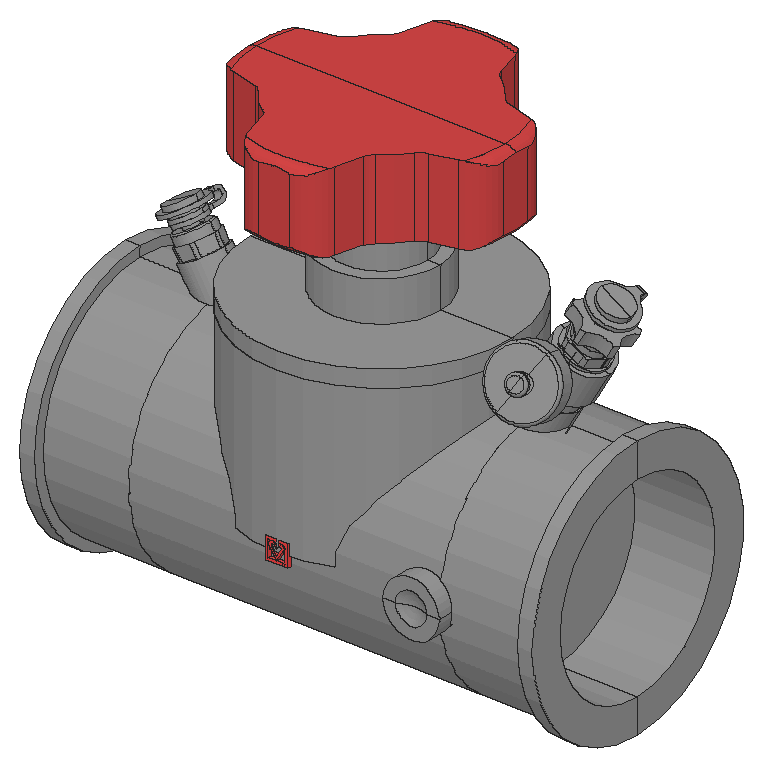
Revit family "HERZ Strömax Commissioning Valve With Test Points, Straight Body 4217 GML", category Rohrzubehör, Revit 2020
Family settings
  Bemaßung runder Anschluss = Durchmesser verwenden
  Teiletyp = Unterbricht
  OmniClass-Nummer = 23.65.55.14
  OmniClass-Titel = Valves for Liquid Services
  Arbeitsebenenbasiert = Nein
  Immer vertikal = Ja
  Beim Laden mit Abzugskörper schneiden = Nein
  Gemeinsam genutzt = Nein
Parameters
  kvs-value [instance] = if(Nennweite = 15.00 mm, 6.05, if(Nennweite = 20.00 mm, 6.11, if(Nennweite = 25.00 mm, 9.22, if(Nennweite = 32.00 mm, 18.83, if(Nennweite = 40.00 mm, 23.29, if(Nennweite = 50.00 mm, 35.26, if(Nennweite = 65.00 mm, 52.11, if(Nennweite = 80.00 mm, 76.1, 0))))))))  # 76.1
  W02 = 60.00°  # constant formula
  W01 = 30.00°  # constant formula
  Vorgabe-Ansicht = 0.00 mm
  URL = "www.herzvalves.com"
  SC_NennweiteBerechnet = 0
  SC_Dimension = ""
  SCRNSEQ = "ARM;ARM_TYP=\"STRV\";2"
  SCRNCODE = "05;07;02"  # constant formula
  S02 = 60.00 mm  # constant formula
  S01 [instance] = H00 + H01  # 119.31 mm
  R01 [instance] = size_lookup("4217_GML_", "R1", 1.00 mm, Nennweite)  # 53.00 mm
  Part number [instance] = size_lookup("4217_GML_", "Artnr", 0, Nennweite)  # 1421718
  Nennweite [instance] = 80.00 mm
  Model = "STRÖMAX-GML commissioning valve with test points and capillary connection 1/2′′ – 3′′:\r\nScrew down model, brass version, socket x socket, non-rising spindle, spindle seal by means of double-O-ring, presetting by limitation of valve lift by means of internal spindle;\r\ndigital display of presetting step at the hand wheel window.\r\nOne standard test point and one test point fitted with a capillary connection are located adjacent to the hand wheel."
  Medium = "Water purity in accordance with the OeNORM H5195 and VDI 2035 standards.\r\nEthylene and propylene glycol can be mixed to a ratio of 25 - 50 vol. [%]."
  Max. operating pressure = 1600000.0 Pa  # constant formula
  Max. operating temperature (up to DN32) = 130 °C  # constant formula
  Max. operating temperature (from DN40) = 110 °C  # constant formula
  ML02 [instance] = size_lookup("4217_GML_", "ML2", 1.00 mm, Nennweite)  # 70.50 mm
  ML01 [instance] = size_lookup("4217_GML_", "ML1", 1.00 mm, Nennweite)  # 37.35 mm
  MD01 = 9.50 mm  # constant formula
  L02 [instance] = size_lookup("4217_GML_", "L2", 1.00 mm, Nennweite)  # 6.00 mm
  L01 [instance] = size_lookup("4217_GML_", "L1", 1.00 mm, Nennweite)  # 41.30 mm
  L00 [instance] = size_lookup("4217_GML_", "L", 1.00 mm, Nennweite)  # 210.00 mm
  IG [instance] = Nennweite / 2  # 40.00 mm
  Hersteller = "HERZ Armaturen Ges.m.b.H."  # constant formula
  H04 [instance] = size_lookup("4217_GML_", "H4", 1.00 mm, Nennweite)  # 19.00 mm
  H03 = 10.00 mm  # constant formula
  H02 [instance] = size_lookup("4217_GML_", "H2", 1.00 mm, Nennweite)  # 7.00 mm
  H01 [instance] = size_lookup("4217_GML_", "H1", 1.00 mm, Nennweite)  # 52.60 mm
  H00 [instance] = size_lookup("4217_GML_", "H", 1.00 mm, Nennweite)  # 66.71 mm
  Weight [instance] = if(Nennweite = 15.00 mm, "0.97 kg", if(Nennweite = 20.00 mm, "1.00 kg", if(Nennweite = 25.00 mm, "1.45 kg", if(Nennweite = 32.00 mm, "1.98 kg", if(Nennweite = 40.00 mm, "2.34 kg", if(Nennweite = 50.00 mm, "3.85 kg", if(Nennweite = 65.00 mm, "5.35 kg", if(Nennweite = 80.00 mm, "7.20 kg", "0 kg"))))))))  # "7.20 kg"
  GT [instance] = size_lookup("4217_GML_", "GT", 1.00 mm, Nennweite)  # 33.30 mm
  Field of application = "For hydraulic balancing in heating and cooling systems, adjustment of distribution mains, circuits, heat exchangers, heating and cooling registers, etc."
  Installation position = "The non-rising valve spindle arranged perpendicular to the valve axis guarantees optimum accessibility and optimum valve operation in any installation position."
  Differential pressure measurement = "STRÖMAX-GML commissioning valve is equipped with two test points.\r\nThe differential pressure can be measured using a suitable measuring instrument, which permits calculation of the flow rate as a function of the respective presetting step.\r\nThe HERZ-Measuring computer (1 8900 05) permits direct flow rate reading (consult the equipment manual)."
  DN80 [instance] = Nennweite = 80.00 mm  # yes
  DN65 [instance] = Nennweite = 65.00 mm  # no
  DN50_DN80 [instance] = or(Nennweite = 50.00 mm, Nennweite = 65.00 mm, Nennweite = 80.00 mm)  # yes
  DN50-DN80 [instance] = H00 + H01  # 119.31 mm
  DN50 [instance] = Nennweite = 50.00 mm  # no
  DN40 [instance] = Nennweite = 40.00 mm  # no
  DN32 [instance] = Nennweite = 32.00 mm  # no
  DN25 [instance] = Nennweite = 25.00 mm  # no
  DN20 [instance] = Nennweite = 20.00 mm  # no
  DN15_DN40 [instance] = or(Nennweite = 15.00 mm, Nennweite = 20.00 mm, Nennweite = 25.00 mm, Nennweite = 32.00 mm, Nennweite = 40.00 mm)  # no
  DN15-DN40 [instance] = H00 + H01  # 119.31 mm
  DN15 [instance] = Nennweite = 15.00 mm  # no
  D06 [instance] = size_lookup("4217_GML_", "D6", 1.00 mm, Nennweite)  # 24.30 mm
  D05 [instance] = size_lookup("4217_GML_", "D5", 1.00 mm, Nennweite)  # 19.00 mm
  D04 = 9.00 mm  # constant formula
  D03 [instance] = size_lookup("4217_GML_", "D3", 1.00 mm, Nennweite)  # 53.80 mm
  D02 [instance] = size_lookup("4217_GML_", "D2", 1.00 mm, Nennweite)  # 54.00 mm
  D01 [instance] = size_lookup("4217_GML_", "D1", 1.00 mm, Nennweite)  # 50.00 mm
  Body = "DZR brass"  # constant formula
Reference planes
  plane 1 "Mitte (Vorne/hinten)": y = 0
  plane 2: z = 0
  plane 3 "Mitte (Links/rechts)": x = 0
Forms (mm)
  Revolve 1, solid, material "Messing, weicher Gelbton, geschweißt", detail levels fine
    sketch origin (0, 0, 0) x (1, 0, 0) y (0, 0, 1)
      loop
        line (-105, 54) -> (-105, 40) -> (-71.7, 40) -> (-71.7, 0) -> (71.7, 0) -> (71.7, 40) -> (105, 40) -> (105, 54) -> (99, 54) -> (99, 50) -> (63.7, 50)
        arc (63.7, 50) -> (0, 53) -> (-63.7, 50) r 677.782
        line (-63.7, 50) -> (-99, 50) -> (-99, 54) -> (-105, 54)
      axis (-105, 0) -> (105, 0)
    angle from 0 to 360
  Revolve 2, solid, material "Messing, weicher Gelbton, geschweißt", detail levels fine
    sketch origin (0, 0, 0) x (1, 0, 0) y (0, 0, 1)
      loop
        line (37.35, 0) -> (72.6, 61.055) -> (64.373, 65.805) -> (29.123, 4.75) -> (37.35, 0)
      axis (37.35, 0) -> (72.6, 61.055)
    angle from 0 to 360
  Revolve 3, solid, material "Messing, weicher Gelbton, geschweißt", detail levels fine
    sketch origin (0, 0, 0) x (1, 0, 0) y (0, 0, 1)
      loop
        line (0, 0) -> (0, 66.71) -> (-53.8, 66.71) -> (-53.8, 0) -> (0, 0)
      axis (0, 66.71) -> (0, 0)
    angle from 0 to 360
  Revolve 4, solid, material "Messing, weicher Gelbton, geschweißt", detail levels fine
    sketch origin (0, 0, 0) x (-1, 0, 0) y (0, 0, 1)
      loop
        line (37.35, 0) -> (72.6, 61.055) -> (64.373, 65.805) -> (29.123, 4.75) -> (37.35, 0)
      axis (37.35, 0) -> (72.6, 61.055)
    angle from 0 to 360
  Revolve 5, solid, material "Messing, weicher Gelbton, geschweißt", visible <- "DN65", detail levels fine
    sketch origin (0, 0, 0) x (1, 0, 0) y (0, 1, 0)
      loop
        line (60, 47.945) -> (60, -47.945)
        arc (60, -47.945) -> (63.368, -48.598) -> (66.5, -50) r 15
        line (66.5, -50) -> (71.5, -50) -> (71.5, 50) -> (66.5, 50)
        arc (66.5, 50) -> (63.368, 48.598) -> (60, 47.945) r 15
      axis (60, 50) -> (60, -50)
    angle from 0 to 360
  Revolve 6, solid, material "Messing, weicher Gelbton, geschweißt", detail levels fine
    sketch origin (0, 0, 0) x (1, 0, 0) y (0, 0, 1)
      loop
        line (0, 66.71) -> (0, 119.31) -> (-9, 119.31) -> (-9, 109.31) -> (-19, 109.31) -> (-19, 90.31) -> (-24.3, 90.31) -> (-24.3, 73.71) -> (-53.8, 73.71) -> (-53.8, 66.71) -> (0, 66.71)
      axis (0, 119.31) -> (0, 66.71)
    angle from 0 to 360
  Revolve 7, solid, material "Messing, weicher Gelbton, geschweißt", visible <- "DN80", detail levels fine
    sketch origin (0, 0, 0) x (1, 0, 0) y (0, 1, 0)
      loop
        line (57, 53.945) -> (57, -53.945)
        arc (57, -53.945) -> (60.368, -54.598) -> (63.5, -56) r 15
        line (63.5, -56) -> (68.5, -56) -> (68.5, 56) -> (63.5, 56)
        arc (63.5, 56) -> (60.368, 54.598) -> (57, 53.945) r 15
      axis (57, 56) -> (57, -56)
    angle from 0 to 360
Lines and regions (mm)
  model lines, detail levels coarse+medium
    curve 1: line (-105, 0, 54) -> (-105, 0, -54)
    curve 2: line (-105, 0, -54) -> (105, 0, 54)
    curve 3: line (105, 0, 54) -> (105, 0, -54)
    curve 4: line (105, 0, -54) -> (-105, 0, 54)
    curve 5: line (0, 0, 0) -> (68.884, 0, 119.31)
    curve 6: line (42.903, 0, 134.31) -> (94.864, 0, 104.31)
    curve 7: line (-105, 54, 0) -> (-105, -54, 0)
    curve 8: line (-105, -54, 0) -> (105, 54, 0)
    curve 9: line (105, 54, 0) -> (105, -54, 0)
    curve 10: line (105, -54, 0) -> (-105, 54, 0)
    curve 11: line (0, 0, 0) -> (68.884, 119.31, 0)
    curve 12: line (42.903, 134.31, 0) -> (94.864, 104.31, 0)
Dimensions and locks
  "IG": Revolve 1 sketch curve to plane 2
  "GT": Revolve 1 sketch curve to Revolve 1 sketch curve  (x2)
  "IG": Revolve 1 sketch curve to Revolve 1 sketch curve
  "D01": Revolve 1 sketch curve to Revolve 1 sketch curve  (x2)
  "R01": Revolve 1 sketch curve to Revolve 1 sketch curve
  "L02": Revolve 1 sketch curve to Revolve 1 sketch curve  (x2)
  "L01": Revolve 1 sketch curve to Revolve 1 sketch curve  (x2)
  "D02": Revolve 1 sketch curve to plane 2  (x2)
  equal spacing: Revolve 1 sketch curve, plane 3 "Mitte (Links/rechts)", Revolve 1 sketch curve
  "L00": Revolve 1 sketch curve to Revolve 1 sketch curve
  "R01": nested 1 to plane 1 "Mitte (Vorne/hinten)"
  "ML01": Revolve 2 sketch curve to plane 3 "Mitte (Links/rechts)"
  "H00": Revolve 3 sketch curve to plane 2
  "D03": Revolve 3 sketch curve to Revolve 3 sketch curve
  "ML02": Revolve 2 sketch curve to Revolve 2 sketch curve
  "MD01": Revolve 2 sketch curve to Revolve 2 sketch curve  (x2)
  "ML02": Revolve 4 sketch curve to Revolve 4 sketch curve
  "MD01": Revolve 4 sketch curve to Revolve 4 sketch curve  (x2)
  "ML01": plane 3 "Mitte (Links/rechts)" to Revolve 4 sketch curve
  Revolve 5 sketch curve to Revolve 1 = 45.00 mm
  Revolve 5 sketch curve to Revolve 5 sketch curve = 11.50 mm  (x2)
  Revolve 5 sketch curve to plane 1 "Mitte (Vorne/hinten)" to Revolve 5 sketch curve = 50.00 mm, 50.00 mm
  "H00": Revolve 6 sketch curve to plane 2
  "H01": Revolve 6 sketch curve to Revolve 6 sketch curve
  "D04": Revolve 6 sketch curve to Revolve 6 sketch curve
  "D03": Revolve 6 sketch curve to Revolve 6 sketch curve
  "D05": Revolve 6 sketch curve to Revolve 6 sketch curve
  "D06": Revolve 6 sketch curve to Revolve 6 sketch curve
  "H02": Revolve 6 sketch curve to Revolve 6 sketch curve
  "H03": Revolve 6 sketch curve to Revolve 6 sketch curve
  "H04": Revolve 6 sketch curve to Revolve 6 sketch curve
  Revolve 7 sketch curve to Revolve 1 = 48.00 mm
  Revolve 7 sketch curve to Revolve 7 sketch curve = 11.50 mm  (x2)
  Revolve 7 sketch curve to plane 1 "Mitte (Vorne/hinten)" to Revolve 7 sketch curve = 56.00 mm, 56.00 mm
  "DN15-DN40": nested 2 to plane 2
  "DN50-DN80": nested 3 to plane 2
  "D02": curve 4 to plane 2 to curve 2
  "D02": curve 3 to plane 2 to curve 4
  equal spacing: curve 1, plane 3 "Mitte (Links/rechts)", curve 3
  "L00": curve 1 to curve 3
  equal spacing: Revolve 1, curve 5, Revolve 1
  "S01": curve 5 to plane 2
  equal spacing: curve 6, curve 5, curve 6
  "S02": curve 6 to curve 6
  "D02": curve 8 to plane 1 "Mitte (Vorne/hinten)" to curve 10
  "D02": curve 10 to plane 1 "Mitte (Vorne/hinten)" to curve 9
  equal spacing: curve 7, plane 3 "Mitte (Links/rechts)", curve 9
  "L00": curve 7 to curve 9
  equal spacing: curve 7, curve 11, curve 9
  "S01": plane 1 "Mitte (Vorne/hinten)" to curve 11
  equal spacing: curve 12, curve 11, curve 12
  "S02": curve 12 to curve 12
  radius of Revolve 5 sketch curve = 15.00 mm  (x2)
  radius of Revolve 7 sketch curve = 15.00 mm  (x2)
  "W01": angle Revolve 2 sketch curve to plane 3 "Mitte (Links/rechts)"  (x2)
  "W01": angle plane 3 "Mitte (Links/rechts)" to Revolve 4 sketch curve  (x2)
  "W02": angle plane 2 to curve 5
  "W02": angle plane 1 "Mitte (Vorne/hinten)" to curve 11
  aligned and locked: level to plane 2
Automatic sketch dimensions
  Revolve 5 sketch curve to Revolve 5 sketch curve = 1.153 mm  (x2)
  Revolve 5 sketch curve to Revolve 5 sketch curve = 5.00 mm  (x2)
  Revolve 5 sketch curve to Revolve 5 sketch curve = 2.854 mm  (x2)
  Revolve 7 sketch curve to Revolve 7 sketch curve = 1.153 mm  (x2)
  Revolve 7 sketch curve to Revolve 7 sketch curve = 5.00 mm  (x2)
  Revolve 7 sketch curve to Revolve 7 sketch curve = 8.854 mm  (x2)
  Revolve 1 sketch curve to level = 0.00 mm  (x2)
  Revolve 1 sketch curve to Revolve 1 sketch curve = 1429.986 mm
  Revolve 1 sketch curve to Revolve 1 sketch curve = 1762.604 mm
  Revolve 2 sketch curve to level = 0.00 mm  (x2)
  Revolve 3 sketch curve to level = 0.00 mm
  Revolve 3 sketch curve to plane 3 "Mitte (Links/rechts)" = 0.00 mm  (x2)
  Revolve 3 sketch curve to Revolve 3 sketch curve = 366.045 mm
  Revolve 3 sketch curve to Revolve 3 sketch curve = 2179.415 mm
  Revolve 4 sketch curve to level = 0.00 mm  (x2)
  Revolve 6 sketch curve to plane 3 "Mitte (Links/rechts)" = 0.00 mm  (x2)
  Revolve 6 sketch curve to level = 366.045 mm
  Revolve 6 sketch curve to Revolve 6 sketch curve = 2146.115 mm
Nested families
  nested 1: "Herz-Logo-vorne" at (0, -53, 0) x (0, 1, 0) z (0, 0, 1), type "Herz-Logo-vorne", detail levels fine
  nested 2: "Strangregulierventil-Handrad-Gerade (Rot) DN15-DN40" at (0, 0, 119.31), visible <- "DN15_DN40", type "Strangregulierventil-Handrad-Gerade (Rot) DN15-DN40", detail levels fine
    with Nennweite 0.00 mm, Gewicht 0.00 kg, Bestellnummer 0
  nested 3: "Strangregulierventil-Handrad-Gerade (Rot) DN50-DN80" at (0, 0, 119.31), visible <- "DN50_DN80", type "Strangregulierventil-Handrad-Gerade (Rot) DN50-DN80", detail levels fine
    with Nennweite 0.00 mm, Gewicht 0.00 kg, Bestellnummer 0
  nested 4: "Messstutzen_Band-KFE_Austritt_30Grad_(oben)" at (61.39, 0, 59.409), visible <- "DN50", type "Messstutzen_Band-KFE_Austritt_30Grad_(oben)", detail levels fine
    with Schutzkappe yes, Nennweite 0.00 mm, Gewicht 0.00 kg, Bestellnummer 0
  nested 5: "Messstutzen_Band_Eintritt_30Grad_(oben)" at (-47.24, 0, 34.901) x (-1, 0, 0) z (0, 0, 1), visible <- "DN50", type "Messstutzen_Band_Eintritt_30Grad_(oben)", detail levels fine
    with Schutzkappe yes, Nennweite 0.00 mm, Gewicht 0.00 kg, Bestellnummer 0
  nested 6: "Messstutzen_Band-KFE_Austritt_30Grad_(oben)" at (41.17, 0, 35.507), visible <- "DN15", type "Messstutzen_Band-KFE_Austritt_30Grad_(oben)", detail levels fine
    with Schutzkappe yes, Nennweite 0.00 mm, Gewicht 0.00 kg, Bestellnummer 0
  nested 7: "Messstutzen_Band_Eintritt_30Grad_(oben)" at (-27.02, 0, 10.999) x (-1, 0, 0) z (0, 0, 1), visible <- "DN15", type "Messstutzen_Band_Eintritt_30Grad_(oben)", detail levels fine
    with Schutzkappe yes, Nennweite 0.00 mm, Gewicht 0.00 kg, Bestellnummer 0
  nested 8: "Messstutzen_Band_Eintritt_30Grad_(oben)" at (-24.855, 0, 13.553) x (-1, 0, 0) z (0, 0, 1), visible <- "DN20", type "Messstutzen_Band_Eintritt_30Grad_(oben)", detail levels fine
    with Schutzkappe yes, Nennweite 0.00 mm, Gewicht 0.00 kg, Bestellnummer 0
  nested 9: "Messstutzen_Band-KFE_Austritt_30Grad_(oben)" at (39.005, 0, 38.062), visible <- "DN20", type "Messstutzen_Band-KFE_Austritt_30Grad_(oben)", detail levels fine
    with Schutzkappe yes, Nennweite 0.00 mm, Gewicht 0.00 kg, Bestellnummer 0
  nested 10: "Messstutzen_Band_Eintritt_30Grad_(oben)" at (-29.265, 0, 17.883) x (-1, 0, 0) z (0, 0, 1), visible <- "DN25", type "Messstutzen_Band_Eintritt_30Grad_(oben)", detail levels fine
    with Schutzkappe yes, Nennweite 0.00 mm, Gewicht 0.00 kg, Bestellnummer 0
  nested 11: "Messstutzen_Band-KFE_Austritt_30Grad_(oben)" at (43.415, 0, 42.392), visible <- "DN25", type "Messstutzen_Band-KFE_Austritt_30Grad_(oben)", detail levels fine
    with Schutzkappe yes, Nennweite 0.00 mm, Gewicht 0.00 kg, Bestellnummer 0
  nested 12: "Messstutzen_Band_Eintritt_30Grad_(oben)" at (-37.74, 0, 24.595) x (-1, 0, 0) z (0, 0, 1), visible <- "DN32", type "Messstutzen_Band_Eintritt_30Grad_(oben)", detail levels fine
    with Schutzkappe yes, Nennweite 0.00 mm, Gewicht 0.00 kg, Bestellnummer 0
  nested 13: "Messstutzen_Band-KFE_Austritt_30Grad_(oben)" at (51.89, 0, 49.104), visible <- "DN32", type "Messstutzen_Band-KFE_Austritt_30Grad_(oben)", detail levels fine
    with Schutzkappe yes, Nennweite 0.00 mm, Gewicht 0.00 kg, Bestellnummer 0
  nested 14: "Messstutzen_Band_Eintritt_30Grad_(oben)" at (-42.8, 0, 28.665) x (-1, 0, 0) z (0, 0, 1), visible <- "DN40", type "Messstutzen_Band_Eintritt_30Grad_(oben)", detail levels fine
    with Schutzkappe yes, Nennweite 0.00 mm, Gewicht 0.00 kg, Bestellnummer 0
  nested 15: "Messstutzen_Band-KFE_Austritt_30Grad_(oben)" at (56.95, 0, 53.174), visible <- "DN40", type "Messstutzen_Band-KFE_Austritt_30Grad_(oben)", detail levels fine
    with Schutzkappe yes, Nennweite 0.00 mm, Gewicht 0.00 kg, Bestellnummer 0
  nested 16: "Messstutzen_Band_Eintritt_30Grad_(oben)" at (-54.5, 0, 38.105) x (-1, 0, 0) z (0, 0, 1), visible <- "DN65", type "Messstutzen_Band_Eintritt_30Grad_(oben)", detail levels fine
    with Schutzkappe yes, Nennweite 0.00 mm, Gewicht 0.00 kg, Bestellnummer 0
  nested 17: "Messstutzen_Band-KFE_Austritt_30Grad_(oben)" at (68.65, 0, 62.614), visible <- "DN65", type "Messstutzen_Band-KFE_Austritt_30Grad_(oben)", detail levels fine
    with Schutzkappe yes, Nennweite 0.00 mm, Gewicht 0.00 kg, Bestellnummer 0
  nested 18: "Messstutzen_Band_Eintritt_30Grad_(oben)" at (-63.85, 0, 45.899) x (-1, 0, 0) z (0, 0, 1), visible <- "DN80", type "Messstutzen_Band_Eintritt_30Grad_(oben)", detail levels fine
    with Schutzkappe yes, Nennweite 0.00 mm, Gewicht 0.00 kg, Bestellnummer 0
  nested 19: "Messstutzen_Band-KFE_Austritt_30Grad_(oben)" at (78, 0, 70.408), visible <- "DN80", type "Messstutzen_Band-KFE_Austritt_30Grad_(oben)", detail levels fine
    with Schutzkappe yes, Nennweite 0.00 mm, Gewicht 0.00 kg, Bestellnummer 0
Connectors
  piping at (-71.7, 0, 0), diameter 80, driven by "Nennweite"
    settings: on Revolve 1, index 1, connector inside diameter 609.6 mm, connector length 0.00 mm, flow factor 0, pipe flow 0.0 L/s, pressure drop 0.0 Pa, fitting loss kfactor 0, connector angle 0.00°, fixture units 0, engagement length 0.00 mm, angle of deflection 0.00°, flow configuration 0, flow direction 1, fitting loss method 0, system type 29, joint type 0, gender type 0, connector reference index -1, connector utility 0, adjustable connector no, is connector primary yes, connector description ""
  piping at (71.7, 0, 0), diameter 80, driven by "Nennweite"
    settings: on Revolve 1, index 2, connector inside diameter 609.6 mm, connector length 0.00 mm, flow factor 0, pipe flow 0.0 L/s, pressure drop 0.0 Pa, fitting loss kfactor 0, connector angle 0.00°, fixture units 0, engagement length 0.00 mm, angle of deflection 0.00°, flow configuration 0, flow direction 2, fitting loss method 0, system type 29, joint type 0, gender type 0, connector reference index -1, connector utility 0, adjustable connector no, is connector primary no, connector description ""
Definition of nested family "Herz-Logo-vorne"
  Parameters (values of type "Herz-Logo-vorne")
    Default Elevation = 0.00 mm
  Reference planes
    plane 1 "Mitte (Vorne/hinten)": y = 0
    plane 2: z = 0
    plane 3 "Mitte (Links/rechts)": x = 0
  Forms (mm)
    Extrusion 1, solid
      sketch origin (0.732, -0.018, 0.017) x (0, -1, 0) y (0, 0, 1)
        loop
          line (-0.018, -4.517) -> (4.482, -4.517) -> (4.482, 4.483) -> (-4.518, 4.483) -> (-4.518, -4.517) -> (-0.018, -4.517)
        loop
          line (-0.05, -3.48) -> (3.482, -3.48) -> (3.482, 3.483) -> (-3.518, 3.483) -> (-3.518, -3.48) -> (-0.05, -3.48)
        loop
          arc (-0.018, 2.383) -> (-1.543, 3.287) -> (-3.067, 2.383) r 1.738
          arc (-3.067, 2.383) -> (-3.191, 1.899) -> (-3.067, 1.415) r 1.009
          line (-3.067, 1.415) -> (-0.018, -3.281) -> (3.032, 1.415)
          arc (3.032, 1.415) -> (3.156, 1.899) -> (3.032, 2.383) r 1.009
          arc (3.032, 2.383) -> (1.507, 3.287) -> (-0.018, 2.383) r 1.738
        loop
          arc (1.885, 1.272) -> (2.005, 1.675) -> (1.885, 2.079) r 0.74
          arc (1.885, 2.079) -> (1.265, 2.416) -> (0.644, 2.079) r 0.74
          line (0.644, 2.079) -> (-0.018, 0.97) -> (-0.679, 2.079)
          arc (-0.679, 2.079) -> (-1.3, 2.416) -> (-1.921, 2.079) r 0.74
          arc (-1.921, 2.079) -> (-2.04, 1.675) -> (-1.921, 1.272) r 0.74
          line (-1.921, 1.272) -> (-0.018, -1.658) -> (1.885, 1.272)
      from 0 to 1.5
  Dimensions and locks
    aligned and locked: level to plane 2
Definition of nested family "Strangregulierventil-Handrad-Gerade (Rot) DN15-DN40"
  Parameters (values of type "Strangregulierventil-Handrad-Gerade (Rot) DN15-DN40")
    Default Elevation = 0.00 mm
    URL = "www.herz-armaturen.at"
    Nennweite [instance] = 0.00 mm
    Manufacturer = "Herz Armaturen GmbH"  # constant formula
    Gewicht [instance] = 0.00 kg
    Bestellnummer [instance] = 0
  Reference planes
    plane 1 "Mitte (Vorne/hinten)": y = 0
    plane 2: z = 0
    plane 3 "Mitte (Links/rechts)": x = 0
  Forms (mm)
    Revolve 1, solid, detail levels fine
      sketch origin (0, 0, 0) x (1, 0, 0) y (0, 0, 1)
        loop
          line (0, 0) -> (0, 24.95) -> (-30.992, 24.95)
          arc (-30.992, 24.95) -> (-34.37, 23.636) -> (-35.973, 20.386) r 5
          line (-35.973, 20.386) -> (-37, 8.65) -> (-35.986, -2.936)
          arc (-35.986, -2.936) -> (-34.383, -6.186) -> (-31.005, -7.5) r 5
          line (-31.005, -7.5) -> (-15, -7.5) -> (-15, 0) -> (0, 0)
        axis (0, 24.95) -> (0, -7.5)
      angle from 0 to 360
    Extrusion 2, void
      sketch origin (0, 0, 20.3) x (1, 0, 0) y (0, 1, 0)
        loop
          line (3.861, 35.5) -> (-3.861, 35.5)
          arc (-3.861, 35.5) -> (-8.731, 33.847) -> (-11.589, 29.571) r 8
          line (-11.589, 29.571) -> (-13.284, 23.245)
          arc (-13.284, 23.245) -> (-13.982, 21.722) -> (-15.144, 20.516) r 5
          arc (-15.144, 20.516) -> (-18.031, 18.031) -> (-20.516, 15.144) r 25.5
          arc (-20.516, 15.144) -> (-21.722, 13.982) -> (-23.245, 13.284) r 5
          line (-23.245, 13.284) -> (-29.571, 11.589)
          arc (-29.571, 11.589) -> (-33.847, 8.731) -> (-35.5, 3.861) r 8
          line (-35.5, 3.861) -> (-35.5, -3.861)
          arc (-35.5, -3.861) -> (-33.847, -8.731) -> (-29.571, -11.589) r 8
          line (-29.571, -11.589) -> (-23.245, -13.284)
          arc (-23.245, -13.284) -> (-21.722, -13.982) -> (-20.516, -15.144) r 5
          arc (-20.516, -15.144) -> (-18.031, -18.031) -> (-15.144, -20.516) r 25.5
          arc (-15.144, -20.516) -> (-13.982, -21.722) -> (-13.284, -23.245) r 5
          line (-13.284, -23.245) -> (-11.589, -29.571)
          arc (-11.589, -29.571) -> (-8.731, -33.847) -> (-3.861, -35.5) r 8
          line (-3.861, -35.5) -> (3.861, -35.5)
          arc (3.861, -35.5) -> (8.731, -33.847) -> (11.589, -29.571) r 8
          line (11.589, -29.571) -> (13.284, -23.245)
          arc (13.284, -23.245) -> (13.982, -21.722) -> (15.144, -20.516) r 5
          arc (15.144, -20.516) -> (18.031, -18.031) -> (20.516, -15.144) r 25.5
          arc (20.516, -15.144) -> (21.722, -13.982) -> (23.245, -13.284) r 5
          line (23.245, -13.284) -> (29.571, -11.589)
          arc (29.571, -11.589) -> (33.847, -8.731) -> (35.5, -3.861) r 8
          line (35.5, -3.861) -> (35.5, 3.861)
          arc (35.5, 3.861) -> (33.847, 8.731) -> (29.571, 11.589) r 8
          line (29.571, 11.589) -> (23.245, 13.284)
          arc (23.245, 13.284) -> (21.722, 13.982) -> (20.516, 15.144) r 5
          arc (20.516, 15.144) -> (18.031, 18.031) -> (15.144, 20.516) r 25.5
          arc (15.144, 20.516) -> (13.982, 21.722) -> (13.284, 23.245) r 5
          line (13.284, 23.245) -> (11.589, 29.571)
          arc (11.589, 29.571) -> (8.731, 33.847) -> (3.861, 35.5) r 8
        loop
          circle (0, 0) r 38
      from -31.266 to 7.923
  Cuts and joins
    Extrusion 2 cuts Revolve 1
  Dimensions and locks
    Revolve 1 sketch curve to Revolve 1 sketch curve = 15.00 mm
    Revolve 1 sketch curve to Revolve 1 sketch curve = 16.15 mm
    Revolve 1 sketch curve to Revolve 1 sketch curve = 16.30 mm
    angle Revolve 1 sketch curve to Revolve 1 sketch curve = 95.00°
    aligned and locked: level to plane 2
Definition of nested family "Strangregulierventil-Handrad-Gerade (Rot) DN50-DN80"
  Parameters (values of type "Strangregulierventil-Handrad-Gerade (Rot) DN50-DN80")
    Default Elevation = 0.00 mm
    URL = "www.herz-armaturen.at"
    Nennweite [instance] = 0.00 mm
    Manufacturer = "Herz Armaturen GmbH"  # constant formula
    Gewicht [instance] = 0.00 kg
    Bestellnummer [instance] = 0
  Reference planes
    plane 1 "Mitte (Vorne/hinten)": y = 0
    plane 2: z = 0
    plane 3 "Mitte (Links/rechts)": x = 0
  Forms (mm)
    Revolve 1, solid, detail levels fine
      sketch origin (0, 0, 0) x (1, 0, 0) y (0, 0, 1)
        loop
          line (0, 0) -> (0, 24.95) -> (-50.992, 24.95)
          arc (-50.992, 24.95) -> (-54.37, 23.636) -> (-55.973, 20.386) r 5
          line (-55.973, 20.386) -> (-57, 8.65) -> (-55.986, -2.936)
          arc (-55.986, -2.936) -> (-54.383, -6.186) -> (-51.005, -7.5) r 5
          line (-51.005, -7.5) -> (-15, -7.5) -> (-15, 0) -> (0, 0)
        axis (0, 24.95) -> (0, -7.5)
      angle from 0 to 360
    Extrusion 2, void
      sketch origin (0, 0, 20.3) x (1, 0, 0) y (0, 1, 0)
        loop
          line (-55, 6.292) -> (-55, -6.292)
          arc (-55, -6.292) -> (-52.52, -13.597) -> (-46.106, -17.883) r 12
          line (-46.106, -17.883) -> (-35.399, -20.752)
          arc (-35.399, -20.752) -> (-33.541, -21.612) -> (-32.08, -23.047) r 6
          arc (-32.08, -23.047) -> (-27.931, -27.931) -> (-23.047, -32.08) r 39.5
          arc (-23.047, -32.08) -> (-21.612, -33.541) -> (-20.752, -35.399) r 6
          line (-20.752, -35.399) -> (-17.883, -46.106)
          arc (-17.883, -46.106) -> (-13.597, -52.52) -> (-6.292, -55) r 12
          line (-6.292, -55) -> (6.292, -55)
          arc (6.292, -55) -> (13.597, -52.52) -> (17.883, -46.106) r 12
          line (17.883, -46.106) -> (20.752, -35.399)
          arc (20.752, -35.399) -> (21.612, -33.541) -> (23.047, -32.08) r 6
          arc (23.047, -32.08) -> (27.931, -27.931) -> (32.08, -23.047) r 39.5
          arc (32.08, -23.047) -> (33.541, -21.612) -> (35.399, -20.752) r 6
          line (35.399, -20.752) -> (46.106, -17.883)
          arc (46.106, -17.883) -> (52.52, -13.597) -> (55, -6.292) r 12
          line (55, -6.292) -> (55, 6.292)
          arc (55, 6.292) -> (52.52, 13.597) -> (46.106, 17.883) r 12
          line (46.106, 17.883) -> (35.399, 20.752)
          arc (35.399, 20.752) -> (33.541, 21.612) -> (32.08, 23.047) r 6
          arc (32.08, 23.047) -> (27.931, 27.931) -> (23.047, 32.08) r 39.5
          arc (23.047, 32.08) -> (21.612, 33.541) -> (20.752, 35.399) r 6
          line (20.752, 35.399) -> (17.883, 46.106)
          arc (17.883, 46.106) -> (13.597, 52.52) -> (6.292, 55) r 12
          line (6.292, 55) -> (-6.292, 55)
          arc (-6.292, 55) -> (-13.597, 52.52) -> (-17.883, 46.106) r 12
          line (-17.883, 46.106) -> (-20.752, 35.399)
          arc (-20.752, 35.399) -> (-21.612, 33.541) -> (-23.047, 32.08) r 6
          arc (-23.047, 32.08) -> (-27.931, 27.931) -> (-32.08, 23.047) r 39.5
          arc (-32.08, 23.047) -> (-33.541, 21.612) -> (-35.399, 20.752) r 6
          line (-35.399, 20.752) -> (-46.106, 17.883)
          arc (-46.106, 17.883) -> (-52.52, 13.597) -> (-55, 6.292) r 12
        loop
          circle (0, 0) r 60
      from -31.161 to 7.489
  Cuts and joins
    Extrusion 2 cuts Revolve 1
  Dimensions and locks
    Revolve 1 sketch curve to Revolve 1 sketch curve = 15.00 mm
    Revolve 1 sketch curve to Revolve 1 sketch curve = 16.15 mm
    Revolve 1 sketch curve to Revolve 1 sketch curve = 16.30 mm
    Revolve 1 sketch curve to Revolve 1 sketch curve = 57.00 mm
    angle Revolve 1 sketch curve to Revolve 1 sketch curve = 95.00°
    aligned and locked: level to plane 2
Definition of nested family "Messstutzen_Band-KFE_Austritt_30Grad_(oben)"
  Parameters (values of type "Messstutzen_Band-KFE_Austritt_30Grad_(oben)")
    Default Elevation = 0.00 mm
    URL = "www.herz-armaturen.at"
    Schutzkappe [instance] = yes
    Nennweite [instance] = 0.00 mm
    Manufacturer = "Herz Armaturen GmbH"  # constant formula
    Gewicht [instance] = 0.00 kg
    Bestellnummer [instance] = 0
  Reference planes
    plane 1 "Mitte (Vorne/hinten)": y = 0
    plane 2: z = 0
    plane 3 "Mitte (Links/rechts)": x = 0
  Forms (mm)
    Revolve 1, solid, detail levels fine
      sketch origin (0, 0, 0) x (0.866025, 0, -0.5) y (0.5, 0, 0.866025)
        loop
          line (-7.4, 9) -> (-5.55, 9) -> (-5.55, 6)
          arc (-5.55, 6) -> (-5.626, 5.617) -> (-5.843, 5.293) r 1
          line (-5.843, 5.293) -> (-6.455, 4.681) -> (-6.455, 0.9) -> (-5.555, 0) -> (-2, 0) -> (-2, 23) -> (-2, 35.8) -> (-3.805, 35.8) -> (-4.415, 35.19) -> (-4.415, 30.863) -> (-3.7, 30.45) -> (-3.7, 27) -> (-7.4, 27) -> (-7.4, 9)
        axis (0, 0) -> (0, 35.8)
      angle from 0 to 360
    Extrusion 2, solid, detail levels fine
      sketch origin (8.75, 0, 15.155) x (0, 1, 0) y (-0.866025, 0, 0.5)
        loop
          arc (-7.07, 5.156) -> (-7.578, 4.375) -> (-8, 3.544) r 8.75
          line (-8, 3.544) -> (-8, -3.544)
          arc (-8, -3.544) -> (-7.578, -4.375) -> (-7.07, -5.156) r 8.75
          line (-7.07, -5.156) -> (-0.93, -8.7)
          arc (-0.93, -8.7) -> (0, -8.75) -> (0.93, -8.7) r 8.75
          line (0.93, -8.7) -> (7.07, -5.156)
          arc (7.07, -5.156) -> (7.578, -4.375) -> (8, -3.544) r 8.75
          line (8, -3.544) -> (8, 3.544)
          arc (8, 3.544) -> (7.578, 4.375) -> (7.07, 5.156) r 8.75
          line (7.07, 5.156) -> (0.93, 8.7)
          arc (0.93, 8.7) -> (0, 8.75) -> (-0.93, 8.7) r 8.75
          line (-0.93, 8.7) -> (-7.07, 5.156)
      from -5.51 to -1.21
    Revolve 3, solid, visible <- "Schutzkappe", detail levels fine
      sketch origin (0, 0, 0) x (0.866025, 0, -0.5) y (0.5, 0, 0.866025)
        loop
          line (0, 35.878) -> (0, 36.678) -> (-7, 36.678) -> (-7, 33.378) -> (-6.1, 33.378) -> (-6.1, 31.678) -> (-6.9, 31.678) -> (-6.9, 30.178) -> (-4.415, 30.178) -> (-4.415, 35.268) -> (-3.805, 35.878) -> (0, 35.878)
        axis (0, 30.178) -> (0, 36.678)
      angle from 0 to 360
    Extrusion 4, solid, detail levels fine
      sketch origin (15, 0, 25.981) x (0, 1, 0) y (0.866025, 0, -0.5)
        loop
          circle (0, 0) r 3.7
        loop
          arc (5.505, -3.906) -> (7.288, -2.358) -> (9.582, -1.8) r 5
          line (9.582, -1.8) -> (9.582, 1.8)
          arc (9.582, 1.8) -> (7.288, 2.358) -> (5.505, 3.906) r 5
          arc (5.505, 3.906) -> (-6.75, 0) -> (5.505, -3.906) r 6.75
      from 0 to -1.5
    Extrusion 5, solid, detail levels fine
      sketch origin (16.589, 0, 28.733) x (0, 1, 0) y (0.866025, 0, -0.5)
        loop
          circle (0, 0) r 6.1
        loop
          arc (8.652, -4.495) -> (10.493, -2.527) -> (13.089, -1.8) r 5
          line (13.089, -1.8) -> (13.089, 1.8)
          arc (13.089, 1.8) -> (10.493, 2.527) -> (8.652, 4.495) r 5
          arc (8.652, 4.495) -> (-9.75, 0) -> (8.652, -4.495) r 9.75
      from 0 to -1.5
    Sweep 6, solid, detail levels fine
      path origin (0, 0, 0) x (-0.5, 0, -0.866025) y (0, 1, 0)
        loop
          line (-29.25, 9.582) -> (-29.25, 14.522)
          arc (-29.25, 14.522) -> (-30.839, 16.112) -> (-32.428, 14.522) r 1.589
          line (-32.428, 14.522) -> (-32.428, 13.089)
      profile origin (14.625, 12.052, 25.331) x (0.5, 0, 0.866025) y (0.866025, 0, -0.5)
        loop
          line (-0.75, -1.8) -> (0.75, -1.8) -> (0.75, 1.8) -> (-0.75, 1.8) -> (-0.75, -1.8)
    Extrusion 7, solid, detail levels fine
      sketch origin (-87.639, 0, 50.598) x (0.866025, 0, -0.5) y (0, 1, 0)
        loop
          arc (112.053, 5.113) -> (111.589, 6) -> (111.053, 6.845) r 12
          arc (111.053, 6.845) -> (105.696, 7.794) -> (102.196, 11.958) r 7.971
          arc (102.196, 11.958) -> (101.196, 12) -> (100.196, 11.958) r 12
          arc (100.196, 11.958) -> (96.696, 7.794) -> (91.34, 6.845) r 7.971
          arc (91.34, 6.845) -> (90.804, 6) -> (90.34, 5.113) r 12
          arc (90.34, 5.113) -> (92.196, 0) -> (90.34, -5.113) r 7.971
          arc (90.34, -5.113) -> (90.804, -6) -> (91.34, -6.845) r 12
          arc (91.34, -6.845) -> (96.696, -7.794) -> (100.196, -11.958) r 7.971
          arc (100.196, -11.958) -> (101.196, -12) -> (102.196, -11.958) r 12
          arc (102.196, -11.958) -> (105.696, -7.794) -> (111.053, -6.845) r 7.971
          arc (111.053, -6.845) -> (111.589, -6) -> (112.053, -5.113) r 12
          arc (112.053, -5.113) -> (110.196, 0) -> (112.053, 5.113) r 7.971
      from 22.3 to 28.5
    Revolve 8, solid, detail levels fine
      sketch origin (-47.563, 0, 4.367) x (-0.866025, 0, 0.5) y (0.5, 0, 0.866025)
        loop
          line (-43.374, 0) -> (-37.874, 0) -> (-36.774, 1.1) -> (-36.774, 4.9) -> (-37.874, 6) -> (-37.874, 8.4) -> (-36.424, 8.4) -> (-36.424, 9.2) -> (-34.424, 9.2) -> (-34.424, 15.59) -> (-31.874, 15.59) -> (-31.874, 30.99) -> (-33.874, 30.99) -> (-33.874, 31.99) -> (-43.374, 31.99) -> (-43.374, 0)
        loop
          line (-43.374, 39) -> (-43.374, 36.29) -> (-35.874, 36.29) -> (-35.874, 39) -> (-43.374, 39)
        axis (-43.374, 39) -> (-43.374, 0)
      angle from 0 to 360
    Revolve 9, solid, detail levels fine
      sketch origin (0, 0, 0) x (0, -1, 0) y (0.5, 0, 0.866025)
        loop
          line (0, -1.01) -> (32.627, 14.204) -> (27.556, 25.08) -> (25.934, 25.67) -> (21.602, 23.65) -> (14.873, 11.994) -> (-2.324, 3.975) -> (0, -1.01)
        axis (32.627, 14.204) -> (0, -1.01)
      angle from 0 to 360
    Revolve 10, solid, detail levels fine
      sketch origin (-19.899, -51.188, -34.465) x (-0.453154, -0.422618, -0.784886) y (0.211309, -0.906308, 0.365998)
        loop
          line (-56.786, 8) -> (-45.747, 8) -> (-45.747, 0) -> (-43.834, 0) -> (-42.786, 1.048) -> (-42.786, 8.048)
          arc (-42.786, 8.048) -> (-43.065, 8.721) -> (-43.738, 9) r 0.952
          line (-43.738, 9) -> (-52.974, 9)
          arc (-52.974, 9) -> (-53.548, 9.238) -> (-53.786, 9.812) r 0.812
          line (-53.786, 9.812) -> (-53.786, 12) -> (-52.786, 12) -> (-52.786, 13.03)
          arc (-52.786, 13.03) -> (-53.07, 13.716) -> (-53.756, 14) r 0.97
          line (-53.756, 14) -> (-56.786, 14) -> (-56.786, 8)
        axis (-56.786, 14) -> (-56.786, 0)
      angle from 0 to 360
  Dimensions and locks
    aligned and locked: level to plane 2
Definition of nested family "Messstutzen_Band_Eintritt_30Grad_(oben)"
  Parameters (values of type "Messstutzen_Band_Eintritt_30Grad_(oben)")
    Default Elevation = 0.00 mm
    URL = "www.herz-armaturen.at"
    Schutzkappe [instance] = yes
    Nennweite [instance] = 0.00 mm
    Manufacturer = "Herz Armaturen GmbH"  # constant formula
    Gewicht [instance] = 0.00 kg
    Bestellnummer [instance] = 0
  Reference planes
    plane 1 "Mitte (Vorne/hinten)": y = 0
    plane 2: z = 0
    plane 3 "Mitte (Links/rechts)": x = 0
  Forms (mm)
    Revolve 1, solid, detail levels fine
      sketch origin (0, 0, 0) x (0.866025, 0, -0.5) y (0.5, 0, 0.866025)
        loop
          line (-7.4, 9) -> (-5.55, 9) -> (-5.55, 6)
          arc (-5.55, 6) -> (-5.626, 5.617) -> (-5.843, 5.293) r 1
          line (-5.843, 5.293) -> (-6.455, 4.681) -> (-6.455, 0.9) -> (-5.555, 0) -> (-2, 0) -> (-2, 17.5) -> (-8.4, 17.5)
          arc (-8.4, 17.5) -> (-7.693, 17.207) -> (-7.4, 16.5) r 1
          line (-7.4, 16.5) -> (-7.4, 9)
        loop
          line (-3.7, 27) -> (-7.3, 27) -> (-7.9, 26.4) -> (-7.9, 23) -> (-2, 23) -> (-2, 35.8) -> (-3.805, 35.8) -> (-4.415, 35.19) -> (-4.415, 30.863) -> (-3.7, 30.45) -> (-3.7, 27)
        axis (0, 0) -> (0, 35.8)
      angle from 0 to 360
    Extrusion 2, solid, detail levels fine
      sketch origin (8.75, 0, 15.155) x (0, 1, 0) y (-0.866025, 0, 0.5)
        loop
          arc (-7.07, 5.156) -> (-7.578, 4.375) -> (-8, 3.544) r 8.75
          line (-8, 3.544) -> (-8, -3.544)
          arc (-8, -3.544) -> (-7.578, -4.375) -> (-7.07, -5.156) r 8.75
          line (-7.07, -5.156) -> (-0.93, -8.7)
          arc (-0.93, -8.7) -> (0, -8.75) -> (0.93, -8.7) r 8.75
          line (0.93, -8.7) -> (7.07, -5.156)
          arc (7.07, -5.156) -> (7.578, -4.375) -> (8, -3.544) r 8.75
          line (8, -3.544) -> (8, 3.544)
          arc (8, 3.544) -> (7.578, 4.375) -> (7.07, 5.156) r 8.75
          line (7.07, 5.156) -> (0.93, 8.7)
          arc (0.93, 8.7) -> (0, 8.75) -> (-0.93, 8.7) r 8.75
          line (-0.93, 8.7) -> (-7.07, 5.156)
      from 0 to 5.5
    Revolve 3, solid, visible <- "Schutzkappe", detail levels fine
      sketch origin (0, 0, 0) x (0.866025, 0, -0.5) y (0.5, 0, 0.866025)
        loop
          line (0, 35.878) -> (0, 36.678) -> (-7, 36.678) -> (-7, 33.378) -> (-6.1, 33.378) -> (-6.1, 31.678) -> (-6.9, 31.678) -> (-6.9, 30.178) -> (-4.415, 30.178) -> (-4.415, 35.268) -> (-3.805, 35.878) -> (0, 35.878)
        axis (0, 30.178) -> (0, 36.678)
      angle from 0 to 360
    Extrusion 4, solid, detail levels fine
      sketch origin (14.25, 0, 24.682) x (0, 1, 0) y (0.866025, 0, -0.5)
        loop
          circle (0, 0) r 3.7
        loop
          arc (5.505, -3.906) -> (7.288, -2.358) -> (9.582, -1.8) r 5
          line (9.582, -1.8) -> (9.582, 1.8)
          arc (9.582, 1.8) -> (7.288, 2.358) -> (5.505, 3.906) r 5
          arc (5.505, 3.906) -> (-6.75, 0) -> (5.505, -3.906) r 6.75
      from 0 to -1.5
    Extrusion 5, solid, detail levels fine
      sketch origin (16.589, 0, 28.733) x (0, 1, 0) y (0.866025, 0, -0.5)
        loop
          circle (0, 0) r 6.1
        loop
          arc (8.652, -4.495) -> (10.493, -2.527) -> (13.089, -1.8) r 5
          line (13.089, -1.8) -> (13.089, 1.8)
          arc (13.089, 1.8) -> (10.493, 2.527) -> (8.652, 4.495) r 5
          arc (8.652, 4.495) -> (-9.75, 0) -> (8.652, -4.495) r 9.75
      from 0 to -1.5
    Sweep 6, solid, detail levels fine
      path origin (0.933, -0.183, 1.116) x (-0.5, 0, -0.866025) y (0, 1, 0)
        loop
          line (-27.75, 9.582) -> (-27.75, 14.522)
          arc (-27.75, 14.522) -> (-30.089, 16.862) -> (-32.428, 14.522) r 2.339
          line (-32.428, 14.522) -> (-32.428, 13.089)
      profile origin (14.808, 11.869, 25.148) x (0.5, 0, 0.866025) y (0.866025, 0, -0.5)
        loop
          line (-0.75, -1.8) -> (0.75, -1.8) -> (0.75, 1.8) -> (-0.75, 1.8) -> (-0.75, -1.8)
  Dimensions and locks
    aligned and locked: level to plane 2
